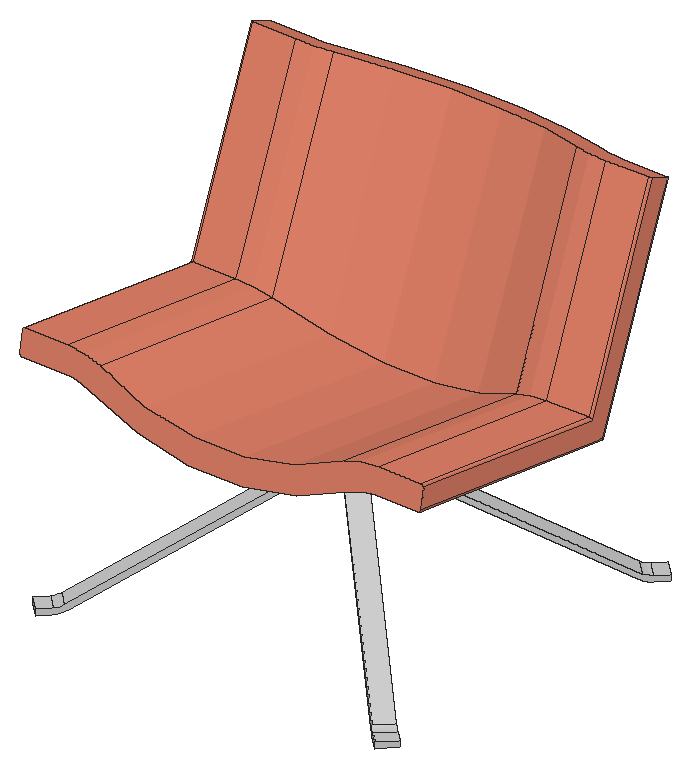
Revit family "FU_Chair_Sandler_Wave 901-16", category Furniture, Revit 2020
Family settings
  OmniClass Number = 23.40.20.00
  OmniClass Title = General Furniture and Specialties
  Work Plane-Based = No
  Always vertical = Yes
  Cut with Voids When Loaded = No
  Shared = No
  Room Calculation Point = No
Parameters (values of type "Wave 901.16")
  Width = 820 mm
  URL = "https://www.sandlerseating.com/product/wave-901-16/"
  Seat [instance] = Fabric - Manhattan - Lexington YI113
  Model = "Wave 901.16"
  Manufacturer = "Sandler"
  Height = 790 mm
  Frame [instance] = Metal - Chrome - Brushed
  Description = "Fully upholstered lounge chair on matt or polished chrome base. 360 Swivel with memory return."
  Depth = 740 mm
  Default Elevation = 0 mm
Reference planes
  plane 1 "Center (Front/Back)": y = 0
  plane 2: z = 0
  plane 3 "Center (Left/Right)": x = 0
  plane 4 "Right": x = -410
  plane 5 "Left": x = 410
  plane 6 "Back": y = 370
  plane 7 "Front": y = -370
  plane 8 "Height": z = 790
  plane 9 "Seat height": z = 400
  plane 10 "Seat Angle RIGHT": through (4267.2, -347.803, 362.871) normal (0, 0.1556, 0.9878)
  plane 11 "Back Angle RIGHT": through (4267.2, 180.02, 279.721) normal (0, -0.9266, 0.3761)
Forms (mm)
  Extrusion 1, solid, material "Metal - Chrome - Brushed" <- "Frame"
    sketch origin (0, 0, 0) x (0.707107, 0.707107, 0) y (0, 0, 1)
      loop
        line (0, 244.215) -> (29.68, 244.215)
        arc (29.68, 244.215) -> (38.357, 243.09) -> (46.46, 239.789) r 34.023
        line (46.46, 239.789) -> (457.019, 7.024)
        arc (457.019, 7.024) -> (469.88, 1.786) -> (483.652, 0) r 54
        line (483.652, 0) -> (510.181, 0) -> (510.181, 11.866) -> (482.205, 11.866)
        arc (482.205, 11.866) -> (472.93, 13.069) -> (464.268, 16.597) r 36.368
        line (464.268, 16.597) -> (54.247, 249.057)
        arc (54.247, 249.057) -> (41.386, 254.296) -> (27.615, 256.081) r 54
        line (27.615, 256.081) -> (0, 256.081) -> (0, 244.215)
    from -20 to 20
  Extrusion 2, solid, material "Metal - Chrome - Brushed" <- "Frame"
    sketch origin (0, 0, 0) x (-0.707107, -0.707107, 0) y (0, 0, -1)
      loop
        line (0, -244.215) -> (0, -256.081) -> (27.615, -256.081)
        arc (27.615, -256.081) -> (41.386, -254.296) -> (54.247, -249.057) r 54
        line (54.247, -249.057) -> (464.268, -16.597)
        arc (464.268, -16.597) -> (472.93, -13.069) -> (482.205, -11.866) r 36.368
        line (482.205, -11.866) -> (510.181, -11.866) -> (510.181, 0) -> (483.652, 0)
        arc (483.652, 0) -> (469.88, -1.786) -> (457.019, -7.024) r 54
        line (457.019, -7.024) -> (46.46, -239.789)
        arc (46.46, -239.789) -> (38.357, -243.09) -> (29.68, -244.215) r 34.023
        line (29.68, -244.215) -> (0, -244.215)
    from -20 to 20
  Extrusion 3, solid, material "Metal - Chrome - Brushed" <- "Frame"
    sketch origin (0, 0, 0) x (-0.707107, 0.707107, 0) y (0, 0, 1)
      loop
        line (0, 244.215) -> (29.68, 244.215)
        arc (29.68, 244.215) -> (38.357, 243.09) -> (46.46, 239.789) r 34.023
        line (46.46, 239.789) -> (457.019, 7.024)
        arc (457.019, 7.024) -> (469.88, 1.786) -> (483.652, 0) r 54
        line (483.652, 0) -> (510.181, 0) -> (510.181, 11.866) -> (482.205, 11.866)
        arc (482.205, 11.866) -> (472.93, 13.069) -> (464.268, 16.597) r 36.368
        line (464.268, 16.597) -> (54.247, 249.057)
        arc (54.247, 249.057) -> (41.386, 254.296) -> (27.615, 256.081) r 54
        line (27.615, 256.081) -> (0, 256.081) -> (0, 244.215)
    from -20 to 20
  Extrusion 4, solid, material "Metal - Chrome - Brushed" <- "Frame"
    sketch origin (0, 0, 0) x (0.707107, -0.707107, 0) y (0, 0, -1)
      loop
        line (0, -244.215) -> (0, -256.081) -> (27.615, -256.081)
        arc (27.615, -256.081) -> (41.386, -254.296) -> (54.247, -249.057) r 54
        line (54.247, -249.057) -> (464.268, -16.597)
        arc (464.268, -16.597) -> (472.93, -13.069) -> (482.205, -11.866) r 36.368
        line (482.205, -11.866) -> (510.181, -11.866) -> (510.181, 0) -> (483.652, 0)
        arc (483.652, 0) -> (469.88, -1.786) -> (457.019, -7.024) r 54
        line (457.019, -7.024) -> (46.46, -239.789)
        arc (46.46, -239.789) -> (38.357, -243.09) -> (29.68, -244.215) r 34.023
        line (29.68, -244.215) -> (0, -244.215)
    from -20 to 20
  Extrusion 5, solid, material "Metal - Chrome - Brushed" <- "Frame"
    sketch origin (0, 47.358, 300.62) x (0, -0.987818, 0.155615) y (1, 0, 0)
      loop
        circle (46.674, 0) r 90
    from -5 to 10
  Extrusion 6, solid, material "Metal - Chrome - Brushed" <- "Frame"
    sketch origin (0, 0, 400) x (-1, 0, 0) y (0, -1, 0)
      loop
        circle (0, 0) r 36
    from -143.919 to -87.464
  Sweep 7, solid, material "Fabric - Manhattan - Lexington YI113" <- "Seat"
    path origin (0, 0, 0) x (0, 1, 0) y (0, 0, 1)
      loop
        line (-347.803, 362.871) -> (180.02, 279.721) -> (368.698, 744.495)
    profile "pro_Wave_Seat : pro_Wave_Seat" origin (0, -83.892, 321.296) x (0, 0.155615, 0.987818) y (1, 0, 0)
      loop
        arc (119.273, -410) -> (122.808, -408.536) -> (124.273, -405) r 5
        line (124.273, -405) -> (124.273, -317.864)
        arc (124.273, -317.864) -> (120.926, -282.712) -> (111.007, -248.822) r 186.299
        arc (111.007, -248.822) -> (49.961, 0) -> (111.007, 248.822) r 537.619
        arc (111.007, 248.822) -> (120.926, 282.712) -> (124.273, 317.864) r 186.299
        line (124.273, 317.864) -> (124.273, 405)
        arc (124.273, 405) -> (122.808, 408.536) -> (119.273, 410) r 5
        line (119.273, 410) -> (79.668, 410)
        arc (79.668, 410) -> (76.132, 408.536) -> (74.668, 405) r 5
        line (74.668, 405) -> (74.668, 317.864)
        arc (74.668, 317.864) -> (71.661, 290.477) -> (62.783, 264.394) r 126.227
        arc (62.783, 264.394) -> (0, 0) -> (62.783, -264.394) r 588.102
        arc (62.783, -264.394) -> (71.661, -290.477) -> (74.668, -317.864) r 126.227
        line (74.668, -317.864) -> (74.668, -405)
        arc (74.668, -405) -> (76.132, -408.536) -> (79.668, -410) r 5
        line (79.668, -410) -> (119.273, -410)
Dimensions and locks
  equal spacing: plane 4 "Right", plane 3 "Center (Left/Right)", plane 5 "Left"
  "Width": plane 4 "Right" to plane 5 "Left"
  equal spacing: plane 6 "Back", plane 1 "Center (Front/Back)", plane 7 "Front"
  "Depth": plane 6 "Back" to plane 7 "Front"
  "Height": plane 8 "Height" to level
  plane 9 "Seat height" to level = 400 mm
  aligned and locked: level to plane 2
Automatic sketch dimensions
  Extrusion 1 sketch curve to level = 0 mm
  Extrusion 1 sketch curve to plane 9 "Seat height" = 143.919 mm
  Extrusion 1 sketch curve to Extrusion 1 sketch curve = 27.615 mm
  Extrusion 1 sketch curve to Extrusion 1 sketch curve = 2.066 mm
  Extrusion 1 sketch curve to plane 9 "Seat height" = 160.211 mm
  Extrusion 1 sketch curve to Extrusion 1 sketch curve = 16.78 mm
  Extrusion 1 sketch curve to plane 9 "Seat height" = 150.943 mm
  Extrusion 1 sketch curve to Extrusion 1 sketch curve = 7.787 mm
  level to Extrusion 1 sketch curve = 7.024 mm
  Extrusion 1 sketch curve to Extrusion 1 sketch curve = 402.772 mm
  level to Extrusion 1 sketch curve = 16.597 mm
  Extrusion 1 sketch curve to Extrusion 1 sketch curve = 7.249 mm
  Extrusion 1 sketch curve to Extrusion 1 sketch curve = 17.937 mm
  Extrusion 1 sketch curve to Extrusion 1 sketch curve = 1.447 mm
  Extrusion 1 sketch curve to Extrusion 1 sketch curve = 27.976 mm
  level to Extrusion 1 sketch curve = 11.866 mm
  Extrusion 1 sketch curve to Extrusion 1 sketch curve = 8.11 mm
  Extrusion 2 sketch curve to level = 0 mm
  Extrusion 2 sketch curve to plane 9 "Seat height" = 143.919 mm
  Extrusion 2 sketch curve to Extrusion 2 sketch curve = 27.615 mm
  Extrusion 2 sketch curve to Extrusion 2 sketch curve = 2.066 mm
  Extrusion 2 sketch curve to plane 9 "Seat height" = 160.211 mm
  Extrusion 2 sketch curve to Extrusion 2 sketch curve = 16.78 mm
  Extrusion 2 sketch curve to plane 9 "Seat height" = 150.943 mm
  Extrusion 2 sketch curve to Extrusion 2 sketch curve = 7.787 mm
  level to Extrusion 2 sketch curve = 7.024 mm
  Extrusion 2 sketch curve to Extrusion 2 sketch curve = 402.772 mm
  level to Extrusion 2 sketch curve = 16.597 mm
  Extrusion 2 sketch curve to Extrusion 2 sketch curve = 7.249 mm
  Extrusion 2 sketch curve to Extrusion 2 sketch curve = 17.937 mm
  Extrusion 2 sketch curve to Extrusion 2 sketch curve = 1.447 mm
  Extrusion 2 sketch curve to Extrusion 2 sketch curve = 27.976 mm
  Extrusion 2 sketch curve to Extrusion 2 sketch curve = 11.866 mm
  Extrusion 2 sketch curve to Extrusion 2 sketch curve = 5.765 mm
  level to Extrusion 3 sketch curve = 0 mm
  Extrusion 3 sketch curve to plane 9 "Seat height" = 143.919 mm
  Extrusion 3 sketch curve to Extrusion 3 sketch curve = 27.615 mm
  Extrusion 3 sketch curve to Extrusion 3 sketch curve = 2.066 mm
  Extrusion 3 sketch curve to plane 9 "Seat height" = 160.211 mm
  Extrusion 3 sketch curve to Extrusion 3 sketch curve = 16.78 mm
  Extrusion 3 sketch curve to plane 9 "Seat height" = 150.943 mm
  Extrusion 3 sketch curve to Extrusion 3 sketch curve = 7.787 mm
  level to Extrusion 3 sketch curve = 7.024 mm
  Extrusion 3 sketch curve to Extrusion 3 sketch curve = 402.772 mm
  level to Extrusion 3 sketch curve = 16.597 mm
  Extrusion 3 sketch curve to Extrusion 3 sketch curve = 7.249 mm
  Extrusion 3 sketch curve to Extrusion 3 sketch curve = 17.937 mm
  Extrusion 3 sketch curve to Extrusion 3 sketch curve = 1.447 mm
  Extrusion 3 sketch curve to Extrusion 3 sketch curve = 27.976 mm
  level to Extrusion 3 sketch curve = 11.866 mm
  Extrusion 3 sketch curve to Extrusion 3 sketch curve = 8.11 mm
  level to Extrusion 4 sketch curve = 0 mm
  Extrusion 4 sketch curve to plane 9 "Seat height" = 143.919 mm
  Extrusion 4 sketch curve to Extrusion 4 sketch curve = 27.615 mm
  Extrusion 4 sketch curve to Extrusion 4 sketch curve = 2.066 mm
  Extrusion 4 sketch curve to plane 9 "Seat height" = 160.211 mm
  Extrusion 4 sketch curve to Extrusion 4 sketch curve = 16.78 mm
  Extrusion 4 sketch curve to plane 9 "Seat height" = 150.943 mm
  Extrusion 4 sketch curve to Extrusion 4 sketch curve = 7.787 mm
  level to Extrusion 4 sketch curve = 7.024 mm
  Extrusion 4 sketch curve to Extrusion 4 sketch curve = 402.772 mm
  level to Extrusion 4 sketch curve = 16.597 mm
  Extrusion 4 sketch curve to Extrusion 4 sketch curve = 7.249 mm
  Extrusion 4 sketch curve to Extrusion 4 sketch curve = 17.937 mm
  Extrusion 4 sketch curve to Extrusion 4 sketch curve = 1.447 mm
  Extrusion 4 sketch curve to Extrusion 4 sketch curve = 27.976 mm
  Extrusion 4 sketch curve to Extrusion 4 sketch curve = 11.866 mm
  Extrusion 4 sketch curve to Extrusion 4 sketch curve = 5.765 mm
  Extrusion 5 sketch curve to plane 3 "Center (Left/Right)" = 0 mm
  plane 1 "Center (Front/Back)" to Extrusion 6 sketch curve = 0 mm
  Extrusion 6 sketch curve to plane 3 "Center (Left/Right)" = 0 mm
  Sweep 7 sketch curve to plane 10 "Seat Angle RIGHT" = 0 mm  (x2)
  Sweep 7 sketch curve to plane 11 "Back Angle RIGHT" = 0 mm  (x2)
  plane 7 "Front" to Sweep 7 sketch curve = 22.197 mm
  Sweep 7 sketch curve to plane 6 "Back" = 1.302 mm
  radius of Extrusion 5 sketch curve = 90 mm
  radius of Extrusion 6 sketch curve = 36 mm
